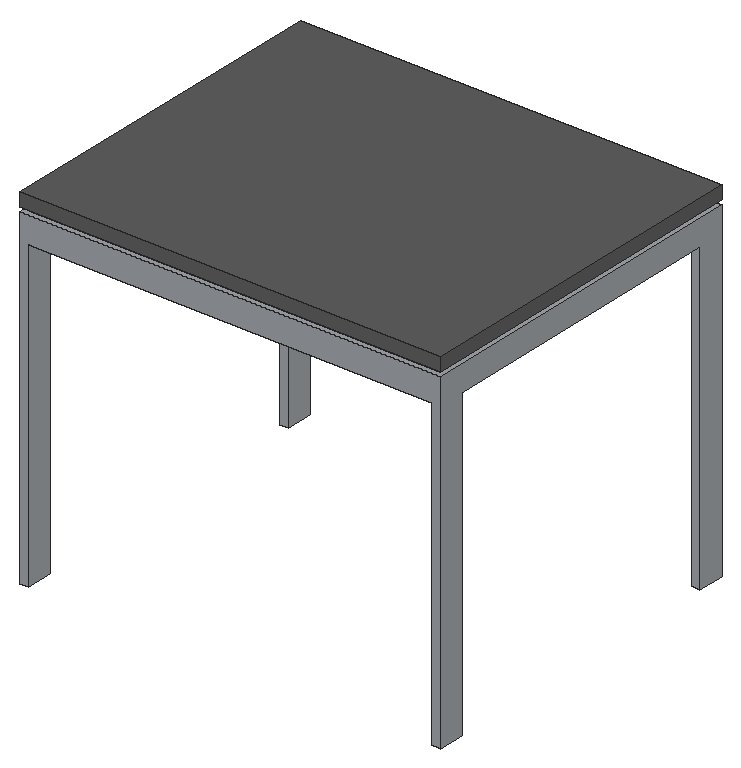
Revit family
Parameters
  URL = "http://www.martinbrattrud.com"
  Table Top [instance] = none
  SCS Certified Product = "Yes"
  Model = "Lundin 1006-24RH"
  Manufacturer = "Martin Brattrud, Inc."
  Leg [instance] = none
  Keynote = "125000"
  Copyright = "© 2013 Martin Brattrud, Inc."
  Authoring Version = "Revit Architecture 2010"
  Assembly Code = "E2020200"
Reference planes (in)
  plane 1 "Center Front/Back": y = 0
  plane 2: z = 0
  plane 3 "Center Left/Right": x = 0
  plane 4: z = 0
  plane 5: z = 20
  plane 6: z = 19.25
  plane 7: z = 19
  plane 8: z = 17.5
  plane 9: x = -12
  plane 10: x = 132
  plane 11: x = 12
  plane 12: y = 10
  plane 13: y = -10
  plane 14: y = -9.6875
  plane 15: y = -9.5
  plane 16: y = 9.6875
  plane 17: y = 9.5
Forms (in)
  Extrusion 1, solid, material <- "Leg"
    sketch origin (0, 0, 0) x (0, 1, 0) y (0, 0, 1)
      loop
        line (10, 0) -> (10, 19) -> (-10, 19) -> (-10, 0) -> (-8.5, 0) -> (-8.5, 17.5) -> (8.5, 17.5) -> (8.5, 0) -> (10, 0)
    from 11.5 to 12
  Extrusion 2, solid, material <- "Leg"
    sketch origin (0, 0, 0) x (0, 1, 0) y (0, 0, -1)
      loop
        line (10, -19) -> (10, 0) -> (8.5, 0) -> (8.5, -17.5) -> (-8.5, -17.5) -> (-8.5, 0) -> (-10, 0) -> (-10, -19) -> (10, -19)
    from 11.5 to 12
  Extrusion 3, solid, material <- "Leg"
    sketch origin (0, 2, 0) x (0, 1, 0) y (0, 0, 1)
      loop
        line (8, 19) -> (7.5, 19) -> (7.5, 17.5) -> (8, 17.5) -> (8, 19)
      loop
        line (-12, 19) -> (-12, 17.5) -> (-11.5, 17.5) -> (-11.5, 19) -> (-12, 19)
    from -11.5 to 11.5
  Extrusion 4, solid, material <- "Table Top"
    sketch origin (0, 0, 0) x (1, 0, 0) y (0, 1, 0)
      loop
        line (-12, 10) -> (-12, -10) -> (12, -10) -> (12, 10) -> (-12, 10)
    from 19.25 to 20
  Extrusion 5, solid, material <- "Table Top"
    sketch origin (0, 0, 0) x (1, 0, 0) y (0, 1, 0)
      loop
        line (11.6875, 9.6875) -> (-11.6875, 9.6875) -> (-11.6875, -9.6875) -> (11.6875, -9.6875) -> (11.6875, 9.6875)
    from 18.5217 to 19.25
Cuts and joins
  joined: Extrusion 1, Extrusion 2, Extrusion 3
